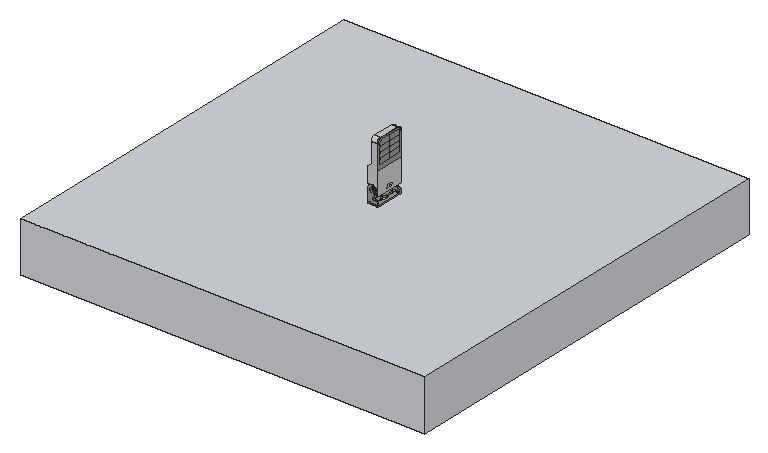
Revit family "LAMP_MINI FLUT G2 ASYMMETRIC", category Modelos genéricos, Revit 2015
Parameters (values of type "2733LM 3000 ANTHRACITE")
  Weight = 4.104 kg
  Type = "HIGH POWER PHILIPS"
  Tilting angle [instance] = 90.00°
  Tilting [instance] = if(Tilting angle = 0.00°, 1.00°, if(Tilting angle > 120.00°, 120.00°, if(Tilting angle < -30.00°, 120.00°, if(Tilting angle < 0.00°, 90.00° - Tilting angle, Tilting angle))))  # 90.00°
  Protection rating = "IP66 / IK06"
  Product datasheet = "http://www.lamp.es/product-files/TECH/MF235AS730NA-EN.pdf"
  Product code = "MF235AS730NA"
  Product URL = "https://www.lamp.es/en/family/flut_33511"
  Power Supply = "220-240V 50-60Hz"
  Power = 23 W
  Plum = 25.5 W
  Photometric web file = Cuerpo MiniFlut G2 - Asym : 2733LM 3000 ANTHRACITE
  Modelo = Product code  # "MF235AS730NA"
  Model explanation = "Availability of tilting between 0º and -30º (or 120º) when placed in a project."
  Material cuerpo = LAMP_Aluminio Cuerpo Flut ANT
  Material Rótula = LAMP_Acero inoxidable AISI 304
  Manufacturer name = "LAMP"
  Manufacturer country = "Spain"
  Manufacturer URL = "http://www.lamp.es/en"
  MacAdam = "4"
  Luminaire type = "OUTDOOR - FLOODLIGHT"
  Last update = "20/08/2019"
  Lamp = "HIGH POWER LED"
  LED Lifetime = "50.000 L90 B10"
  Insulation class = "I"
  Installation instructions = "https://www.lamp.es/product-files/INS/1004710-A-INSTR.%20MINI%20FLUT%20G2.pdf"
  Initial intensity = 2733 lm
  Initial color = 3000 K
  IEE = "A+"
  Gear = "Electronic"
  Finish = "Textured anthracite grey"
  Fabricante = Manufacturer name  # "LAMP"
  Default Elevation = 1219.2 mm
  Efficacy = 107.2 lm/W
  Dimensions = "369 x 176 x 60"
  Descripción = "MINI FLUT G2 3500 WW ASYM ANT."
  CRI = "70"
Types (8, lengths in mm): name | Product datasheet | Product code | Power | Plum | Photometric web file | Modelo | LED Lifetime | Initial intensity | Initial color | Finish | Efficacy | Descripción
  2733LM 3000 ANTHRACITE | "http://www.lamp.es/product-files/TECH/MF235AS730NA-EN.pdf" | "MF235AS730NA" | 23 W | 25.5 W | Cuerpo MiniFlut G2 - Asym : 2733LM 3000 ANTHRACITE | "MF235AS730NA" | "50.000 L90 B10" | 2733 lm | 3000 K | "Textured anthracite grey" | 107.2 lm/W | "MINI FLUT G2 3500 WW ASYM ANT."
  2733LM 3000 GREY | "http://www.lamp.es/product-files/TECH/MF235AS730NG-EN.pdf" | "MF235AS730NG" | 23 W | 25.5 W | Cuerpo MiniFlut G2 - Asym : 2733LM 3000 GREY | "MF235AS730NG" | "50.000 L90 B10" | 2733 lm | 3000 K | "Texturised grey" | 107.2 lm/W | "MINI FLUT G2 3500 WW ASYM GR."
  2877LM 4000 ANTHRACITE | "http://www.lamp.es/product-files/TECH/MF235AS740NA-EN.pdf" | "MF235AS740NA" | 23 W | 25.5 W | Cuerpo MiniFlut G2 - Asym : 2877LM 4000 ANTHRACITE | "MF235AS740NA" | "50.000 L90 B10" | 2877 lm | 4000 K | "Textured anthracite grey" | 112.8 lm/W | "MINI FLUT G2 3500 NW ASYM ANT."
  2877LM 4000 GREY | "http://www.lamp.es/product-files/TECH/MF235AS740NG-EN.pdf" | "MF235AS740NG" | 23 W | 25.5 W | Cuerpo MiniFlut G2 - Asym : 2877LM 4000 GREY | "MF235AS740NG" | "50.000 L90 B10" | 2877 lm | 4000 K | "Texturised grey" | 112.8 lm/W | "MINI FLUT G2 3500 NW ASYM GR."
  4990LM 3000 ANTHRACITE | "http://www.lamp.es/product-files/TECH/MF265AS730NA-EN.pdf" | "MF265AS730NA" | 44 W | 48.7 W | Cuerpo MiniFlut G2 - Asym : 4990LM 3000 ANTHRACITE | "MF265AS730NA" | "60.000 L80 B10" | 4990 lm | 3000 K | "Textured anthracite grey" | 102.5 lm/W | "MINI FLUT G2 6500 WW ASYM ANT."
  4990LM 3000 GREY | "http://www.lamp.es/product-files/TECH/MF265AS730NG-EN.pdf" | "MF265AS730NG" | 44 W | 48.7 W | Cuerpo MiniFlut G2 - Asym : 4990LM 3000 GREY | "MF265AS730NG" | "60.000 L80 B10" | 4990 lm | 3000 K | "Texturised grey" | 102.5 lm/W | "MINI FLUT G2 6500 WW ASYM GR."
  5253LM 4000 ANTHRACITE | "http://www.lamp.es/product-files/TECH/MF265AS740NA-EN.pdf" | "MF265AS740NA" | 44 W | 48.7 W | Cuerpo MiniFlut G2 - Asym : 5253LM 4000 ANTHRACITE | "MF265AS740NA" | "60.000 L80 B10" | 5253 lm | 4000 K | "Textured anthracite grey" | 107.9 lm/W | "MINI FLUT G2 6500 NW ASYM ANT."
  5253LM 4000 GREY | "http://www.lamp.es/product-files/TECH/MF265AS740NG-EN.pdf" | "MF265AS740NG" | 44 W | 48.7 W | Cuerpo MiniFlut G2 - Asym : 5253LM 4000 GREY | "MF265AS740NG" | "60.000 L80 B10" | 5253 lm | 4000 K | "Texturised grey" | 107.9 lm/W | "MINI FLUT G2 6500 NW ASYM GR."
Reference planes
  plane 1 "Centro (Frontal/Posterior)": y = 0
  plane 2: z = 0
  plane 3 "Centro (Izquierda/Derecha)": x = 0
Forms (mm)
  Extrusion 1, solid
    sketch origin (0, 0, 0) x (1, 0, 0) y (0, 1, 0)
      loop
        line (-1219.2, 1219.2) -> (-1219.2, -1219.2) -> (1219.2, -1219.2) -> (1219.2, 1219.2) -> (-1219.2, 1219.2)
    from 0 to -304.8
  Extrusion 2, solid, material "LAMP_Acero inoxidable AISI 304" <- "Material Rótula"
    sketch origin (0, 0, 0) x (1, 0, 0) y (0, 0, 1)
      loop
        line (-30, 0) -> (30, 0) -> (30, 24) -> (1.866, 40.243)
        arc (1.866, 40.243) -> (1.4, 40.851) -> (1.499, 41.609) r 1
        line (1.499, 41.609) -> (17.741, 69.741)
        arc (17.741, 69.741) -> (3.441, 108.913) -> (-30, 84) r 26
        line (-30, 84) -> (-30, 0)
      loop
        arc (-4.884, 104.481) -> (-5.964, 103.952) -> (-6.308, 102.8) r 1.5
        line (-6.308, 102.8) -> (-5.758, 98.315)
        arc (-5.758, 98.315) -> (-5.252, 97.365) -> (-4.241, 96.998) r 1.5
        arc (-4.241, 96.998) -> (7.873, 89.294) -> (5.508, 75.134) r 13
        arc (5.508, 75.134) -> (5.105, 74.085) -> (5.544, 73.05) r 1.5
        line (5.544, 73.05) -> (8.727, 69.867)
        arc (8.727, 69.867) -> (9.808, 69.428) -> (10.877, 69.896) r 1.5
        arc (10.877, 69.896) -> (14.654, 92.501) -> (-4.884, 104.481) r 20.5
    from -88 to 88
  Extrusion 3, void
    sketch origin (0, 0, 0) x (0, 1, 0) y (0, 0, 1)
      loop
        line (-83, 131) -> (-83, 10)
        arc (-83, 10) -> (-81.536, 6.464) -> (-78, 5) r 5
        line (-78, 5) -> (78, 5)
        arc (78, 5) -> (81.536, 6.464) -> (83, 10) r 5
        line (83, 10) -> (83, 131) -> (-83, 131)
      loop
        arc (88, 10) -> (85.071, 2.929) -> (78, 0) r 10
        line (78, 0) -> (78, -5) -> (93, -5) -> (93, 10) -> (88, 10)
      loop
        line (-88, 10) -> (-93, 10) -> (-93, -5) -> (-78, -5) -> (-78, 0)
        arc (-78, 0) -> (-85.071, 2.929) -> (-88, 10) r 10
    from -30 to 30
  Blend 4, void
    base sketch origin (0, 0, 0) x (1, 0, 0) y (0, 0, 1)
      loop
        circle (-4, 83.75) r 6.25
    top sketch origin (0, 0, 0) x (1, 0, 0) y (0, 0, 1)
      loop
        circle (-4, 83.75) r 10.75
    from 83 to 88
  Extrusion 5, void
    sketch origin (0, 0, 0) x (1, 0, 0) y (0, 1, 0)
      loop
        circle (0, 0) r 17.5
      loop
        line (-5.15, 63) -> (-5.15, 27)
        arc (-5.15, 27) -> (0, 21.85) -> (5.15, 27) r 5.15
        line (5.15, 27) -> (5.15, 63)
        arc (5.15, 63) -> (0, 68.15) -> (-5.15, 63) r 5.15
      loop
        arc (-5.15, -63) -> (0, -68.15) -> (5.15, -63) r 5.15
        line (5.15, -63) -> (5.15, -27)
        arc (5.15, -27) -> (0, -21.85) -> (-5.15, -27) r 5.15
        line (-5.15, -27) -> (-5.15, -63)
    from 0 to 5
  Blend 6, void
    base sketch origin (0, 0, 0) x (1, 0, 0) y (0, 0, -1)
      loop
        circle (-4, -83.75) r 6.25
    top sketch origin (0, 0, 0) x (1, 0, 0) y (0, 0, -1)
      loop
        circle (-4, -83.75) r 10.8
    from 83 to 88
  Extrusion 7, solid, material "LAMP_Aluminio Cuerpo Flut ANT" <- "Material cuerpo"
    sketch origin (29.542, -87.4, 57.5) x (0, 1, 0) y (0, 0, 1)
      loop
        arc (68.57, 18.287) -> (68.765, 17.816) -> (69.237, 17.62) r 0.667
        line (69.237, 17.62) -> (73.299, 17.62)
        arc (73.299, 17.62) -> (73.702, 17.749) -> (73.955, 18.088) r 0.693
        line (73.955, 18.088) -> (78.018, 29.896) -> (82.058, 18.153)
        arc (82.058, 18.153) -> (82.296, 17.835) -> (82.674, 17.714) r 0.651
        line (82.674, 17.714) -> (85.6, 17.714)
        arc (85.6, 17.714) -> (86.061, 17.905) -> (86.252, 18.366) r 0.652
        line (86.252, 18.366) -> (86.252, 29.97) -> (89.926, 26.297) -> (93.6, 29.97) -> (93.6, 18.253)
        arc (93.6, 18.253) -> (93.785, 17.806) -> (94.233, 17.62) r 0.633
        line (94.233, 17.62) -> (98.776, 17.62)
        arc (98.776, 17.62) -> (99.261, 17.821) -> (99.461, 18.306) r 0.685
        line (99.461, 18.306) -> (99.461, 29.402)
        arc (99.461, 29.402) -> (99.655, 29.87) -> (100.124, 30.064) r 0.662
        line (100.124, 30.064) -> (103.206, 30.064)
        arc (103.206, 30.064) -> (103.688, 29.865) -> (103.888, 29.382) r 0.682
        line (103.888, 29.382) -> (103.888, 27.054)
        arc (103.888, 27.054) -> (103.689, 26.574) -> (103.21, 26.376) r 0.678
        line (103.21, 26.376) -> (100.372, 26.376)
        arc (100.372, 26.376) -> (99.634, 25.638) -> (100.372, 24.9) r 0.738
        line (100.372, 24.9) -> (104.702, 24.9)
        arc (104.702, 24.9) -> (105.169, 25.094) -> (105.363, 25.562) r 0.661
        line (105.363, 25.562) -> (105.363, 30.846)
        arc (105.363, 30.846) -> (105.16, 31.337) -> (104.669, 31.54) r 0.694
        line (104.669, 31.54) -> (98.671, 31.54)
        arc (98.671, 31.54) -> (98.187, 31.339) -> (97.986, 30.854) r 0.685
        line (97.986, 30.854) -> (97.986, 19.762)
        arc (97.986, 19.762) -> (97.785, 19.277) -> (97.3, 19.077) r 0.686
        line (97.3, 19.077) -> (95.783, 19.077)
        arc (95.783, 19.077) -> (95.3, 19.276) -> (95.101, 19.759) r 0.682
        line (95.101, 19.759) -> (95.101, 30.181)
        arc (95.101, 30.181) -> (94.03, 31.669) -> (92.28, 31.127) r 1.569
        line (92.28, 31.127) -> (89.926, 28.773) -> (87.572, 31.127)
        arc (87.572, 31.127) -> (85.821, 31.669) -> (84.751, 30.181) r 1.569
        line (84.751, 30.181) -> (84.751, 20.286)
        arc (84.751, 20.286) -> (84.044, 19.451) -> (83.104, 20.011) r 0.847
        line (83.104, 20.011) -> (79.401, 30.778)
        arc (79.401, 30.778) -> (78.08, 31.72) -> (76.759, 30.778) r 1.397
        line (76.759, 30.778) -> (72.894, 19.541)
        arc (72.894, 19.541) -> (72.643, 19.205) -> (72.244, 19.077) r 0.688
        line (72.244, 19.077) -> (70.701, 19.077)
        arc (70.701, 19.077) -> (70.237, 19.269) -> (70.045, 19.732) r 0.656
        line (70.045, 19.732) -> (70.045, 30.88)
        arc (70.045, 30.88) -> (69.307, 31.618) -> (68.57, 30.88) r 0.738
        line (68.57, 30.88) -> (68.57, 18.287)
    from 0 to 1
Cuts and joins
  Extrusion 3, Blend 4, Extrusion 5, Blend 6 cuts Extrusion 2
Text (mm)
  text "Any modification of the parameters and properties of the LAMP BIM models must be executed and validated by the LAMP technical department.\n\nPhone: +34 93 736 68 00\n\nE-mail: lamp@lamp.es\n\n\n\nLAMP reserves the right to modify the technical specifications of its products." at (-19092.501, 15531.228, -5809.229), in view "Preview"
Dimensions and locks
  aligned and locked: plane 2 to Extrusion 1
  aligned and locked: level to Extrusion 1
Nested families
  nested 1: "Cuerpo MiniFlut G2 - Asym" at (-3.858, 0, -1416.1) x (-1, 0, 0) z (0, 0, 1), type <- "Photometric web file", type "2733LM 3000 ANTHRACITE"
Connectors
  electrical at (0, 0, 5)
    settings: on cut or joined group of Extrusion 2, Extrusion 3, Blend 4, Extrusion 5, Blend 6, index 1, voltage 230 V, apparent load 0 VA, apparent load phase1 0 VA, apparent load phase2 0 VA, apparent load phase3 0 VA, power factor 1, load classification "Otro", number of poles 1, system type 31, power factor state 1, is connector primary yes, connector utility no, sub classification motor no, connector description ""
Definition of nested family "Cuerpo MiniFlut G2 - Asym"
  Parameters (values of type "2733LM 3000 ANTHRACITE")
    Tilt Angle = Tilting - 90.00°  # 0.00°
    Wattage = 25.5 W
    Tilting = 90.00°
    built-in parameter 1150107 = 3000 (stored number, unit not read)
    built-in parameter 1150110 = 1 (stored number, unit not read)
    built-in parameter 1150109 = 1 (stored number, unit not read)
    built-in parameter 1150112 = 1 (stored number, unit not read)
    built-in parameter 1150113 = 1 (stored number, unit not read)
    built-in parameter 1114218 = 1 (stored number, unit not read)
    built-in parameter 1150137 = (empty or 0)
    built-in parameter 1150132 = 2
    Material Opticas = none
    Material Cristal Transparente = none
    Material Cuerpo = none
    Material Cristal Serigrafiado = none
    built-in parameter 1150105 = 217.53 (stored number, unit not read)
    built-in parameter 1150102 = (empty or 0)
    built-in parameter 1150106 = 2.1753 (stored number, unit not read)
    Lumens = 2733.6 lm
    Color Filter = 16777215
    built-in parameter 1114217 = 1 (stored number, unit not read)
    built-in parameter 1150139 = (empty or 0)
    built-in parameter 1150104 = 9.9592 (stored number, unit not read)
    built-in parameter 1150115 = 1 (stored number, unit not read)
    built-in parameter 1150114 = 1 (stored number, unit not read)
    built-in parameter 1150138 = (empty or 0)
    built-in parameter 1150134 = (empty or 0)
    Dimming Lamp Color Temperature Shift = (empty or 0)
    Photometric Web File = "MF235AS730NA_180.IES"
    built-in parameter 1150133 = 10 (stored number, unit not read)
  Types (8, lengths in mm): name | Wattage | built-in parameter 1150107 | built-in parameter 1150105 | built-in parameter 1150106 | Lumens | built-in parameter 1150104 | built-in parameter 1150134 | Photometric Web File
    2733LM 3000 ANTHRACITE | 25.5 W | 3000 (stored number, unit not read) | 217.53 (stored number, unit not read) | 2.1753 (stored number, unit not read) | 2733.6 lm | 9.9592 (stored number, unit not read) | (empty or 0) | "MF235AS730NA_180.IES"
    2733LM 3000 GREY | 25.5 W | 3000 (stored number, unit not read) | 217.53 (stored number, unit not read) | 2.1753 (stored number, unit not read) | 2733.6 lm | 9.9592 (stored number, unit not read) | (empty or 0) | "MF235AS730NG_180.IES"
    2877LM 4000 ANTHRACITE | 25.5 W | 4000 (stored number, unit not read) | 1789.8 (stored number, unit not read) | 17.898 (stored number, unit not read) | 2876.4 lm | 10.479 (stored number, unit not read) | 12 | "MF235AS740NA_180.IES"
    2877LM 4000 GREY | 25.5 W | 4000 (stored number, unit not read) | 1789.8 (stored number, unit not read) | 17.898 (stored number, unit not read) | 2876.4 lm | 10.479 (stored number, unit not read) | 12 | "MF235AS740NG_180.IES"
    4990LM 3000 ANTHRACITE | 48.7 W | 3000 (stored number, unit not read) | 3106.1 (stored number, unit not read) | 31.061 (stored number, unit not read) | 4991.75 lm | 9.5226 (stored number, unit not read) | (empty or 0) | "MF265AS730NA_180.IES"
    4990LM 3000 GREY | 48.7 W | 3000 (stored number, unit not read) | 3106.1 (stored number, unit not read) | 31.061 (stored number, unit not read) | 4991.75 lm | 9.5226 (stored number, unit not read) | (empty or 0) | "MF265AS730NG_180.IES"
    5253LM 4000 ANTHRACITE | 48.7 W | 4000 (stored number, unit not read) | 3271.3 (stored number, unit not read) | 32.713 (stored number, unit not read) | 5254.73 lm | 10.024 (stored number, unit not read) | 12 | "MF265AS740NA_180.IES"
    5253LM 4000 GREY | 48.7 W | 4000 (stored number, unit not read) | 3271.3 (stored number, unit not read) | 32.713 (stored number, unit not read) | 5254.73 lm | 10.024 (stored number, unit not read) | 12 | "MF265AS740NG_180.IES"
  Reference planes
    plane 1 "Eje de origen de luz (F/P)": y = 0
    plane 2: z = 0
    plane 3 "Eje de origen de luz (I/D)": x = 0
    plane 4 "Elevación de origen de luz": z = 1500
  Forms (mm)
    Extrusion 1, solid, material <- "Material Cuerpo"
      sketch origin (0, 0, 1500) x (0, 0, 1) y (1, 0, 0)
        loop
          line (-26.4, -33.4) -> (284.25, -33.4) -> (284.25, 3.6) -> (141.25, 3.6) -> (118.25, 26.6) -> (-26.4, 26.6) -> (-26.4, -33.4)
      from -87.4 to 87.4
    Extrusion 2, void
      sketch origin (0, 0, 1500) x (0, 0, -1) y (1, 0, 0)
        loop
          line (26.4, -26.5) -> (26.4, 26.6) -> (-26.6, 26.6) -> (-26.6, 3.6)
          arc (-26.6, 3.6) -> (-19.155, -17.548) -> (1.4, -26.5) r 28.073
          line (1.4, -26.5) -> (26.4, -26.5)
      from -87.4 to -77.4
    Extrusion 3, void
      sketch origin (0, 0, 1500) x (0, 0, -1) y (-1, 0, 0)
        loop
          line (26.4, 26.5) -> (1.4, 26.5)
          arc (1.4, 26.5) -> (-19.155, 17.548) -> (-26.6, -3.6) r 28.073
          line (-26.6, -3.6) -> (-26.6, -26.6) -> (26.4, -26.6) -> (26.4, 26.5)
      from -87.4 to -77.4
    Extrusion 4, void
      sketch origin (0, 0, 1500) x (0, 0, -1) y (0, 1, 0)
        loop
          line (-28.6, -83.4) -> (-28.6, -75.4) -> (22.4, -75.4)
          arc (22.4, -75.4) -> (23.814, -74.814) -> (24.4, -73.4) r 2
          line (24.4, -73.4) -> (24.4, 73.4)
          arc (24.4, 73.4) -> (23.814, 74.814) -> (22.4, 75.4) r 2
          line (22.4, 75.4) -> (-28.6, 75.4) -> (-28.6, 83.4)
          arc (-28.6, 83.4) -> (-29.186, 84.814) -> (-30.6, 85.4) r 2
          line (-30.6, 85.4) -> (-114.25, 85.4)
          arc (-114.25, 85.4) -> (-115.664, 84.814) -> (-116.25, 83.4) r 2
          line (-116.25, 83.4) -> (-116.25, -83.4)
          arc (-116.25, -83.4) -> (-115.664, -84.814) -> (-114.25, -85.4) r 2
          line (-114.25, -85.4) -> (-30.6, -85.4)
          arc (-30.6, -85.4) -> (-29.186, -84.814) -> (-28.6, -83.4) r 2
        loop
          arc (22.9, 68.9) -> (21.436, 72.436) -> (17.9, 73.9) r 5
          line (17.9, 73.9) -> (-30.1, 73.9) -> (-30.1, 78.9)
          arc (-30.1, 78.9) -> (-31.564, 82.436) -> (-35.1, 83.9) r 5
          line (-35.1, 83.9) -> (-109.75, 83.9)
          arc (-109.75, 83.9) -> (-113.286, 82.436) -> (-114.75, 78.9) r 5
          line (-114.75, 78.9) -> (-114.75, -78.9)
          arc (-114.75, -78.9) -> (-113.286, -82.436) -> (-109.75, -83.9) r 5
          line (-109.75, -83.9) -> (-35.1, -83.9)
          arc (-35.1, -83.9) -> (-31.564, -82.436) -> (-30.1, -78.9) r 5
          line (-30.1, -78.9) -> (-30.1, -73.9) -> (17.9, -73.9)
          arc (17.9, -73.9) -> (21.436, -72.436) -> (22.9, -68.9) r 5
          line (22.9, -68.9) -> (22.9, 68.9)
      from 22.1 to 26.6
    Extrusion 5, void
      sketch origin (0, 0, 1500) x (0, 0, -1) y (0, 1, 0)
        loop
          line (-259.25, 87.4) -> (-259.25, 97.4) -> (-294.25, 97.4) -> (-294.25, 62.4) -> (-284.25, 62.4)
          arc (-284.25, 62.4) -> (-276.928, 80.078) -> (-259.25, 87.4) r 25
        loop
          arc (-259.25, -87.4) -> (-276.928, -80.078) -> (-284.25, -62.4) r 25
          line (-284.25, -62.4) -> (-294.25, -62.4) -> (-294.25, -97.4) -> (-259.25, -97.4) -> (-259.25, -87.4)
      from -34 to 4
    Extrusion 6, void
      sketch origin (0, 0, 1500) x (0, 0, -1) y (0, 1, 0)
        loop
          arc (-270.05, -62) -> (-267.121, -69.071) -> (-260.05, -72) r 10
          line (-260.05, -72) -> (-154.05, -72)
          arc (-154.05, -72) -> (-146.979, -69.071) -> (-144.05, -62) r 10
          line (-144.05, -62) -> (-144.05, 62)
          arc (-144.05, 62) -> (-146.979, 69.071) -> (-154.05, 72) r 10
          line (-154.05, 72) -> (-260.05, 72)
          arc (-260.05, 72) -> (-267.121, 69.071) -> (-270.05, 62) r 10
          line (-270.05, 62) -> (-270.05, -62)
      from -33.4 to 0
    Extrusion 7, void
      sketch origin (0, 0, 1500) x (0, 0, -1) y (0, -1, 0)
        loop
          arc (-282.05, -61.5) -> (-275.46, -77.41) -> (-259.55, -84) r 22.5
          line (-259.55, -84) -> (-116.05, -84) -> (-116.05, 84) -> (-259.55, 84)
          arc (-259.55, 84) -> (-275.46, 77.41) -> (-282.05, 61.5) r 22.5
          line (-282.05, 61.5) -> (-282.05, -61.5)
        loop
          arc (-270.05, -62) -> (-267.121, -69.071) -> (-260.05, -72) r 10
          line (-260.05, -72) -> (-154.05, -72)
          arc (-154.05, -72) -> (-146.979, -69.071) -> (-144.05, -62) r 10
          line (-144.05, -62) -> (-144.05, 62)
          arc (-144.05, 62) -> (-146.979, 69.071) -> (-154.05, 72) r 10
          line (-154.05, 72) -> (-260.05, 72)
          arc (-260.05, 72) -> (-267.121, 69.071) -> (-270.05, 62) r 10
          line (-270.05, 62) -> (-270.05, -62)
      from 34 to 29.3
    Extrusion 8, solid, material <- "Material Cristal Serigrafiado"
      sketch origin (0, 0, 1500) x (0, 0, 1) y (-1, 0, 0)
        loop
          line (116.05, 33.4) -> (116.05, 29.3) -> (282.05, 29.3) -> (282.05, 33.4) -> (116.05, 33.4)
      from -84 to 84
    Extrusion 9, void
      sketch origin (0, 0, 1500) x (0, 0, -1) y (0, -1, 0)
        loop
          line (-259.55, 84) -> (-259.55, 94) -> (-292.05, 94) -> (-292.05, 61.5) -> (-282.05, 61.5)
          arc (-282.05, 61.5) -> (-275.46, 77.41) -> (-259.55, 84) r 22.5
        loop
          arc (-259.55, -84) -> (-275.46, -77.41) -> (-282.05, -61.5) r 22.5
          line (-282.05, -61.5) -> (-292.05, -61.5) -> (-292.05, -94) -> (-259.55, -94) -> (-259.55, -84)
      from 26.5 to 33.4
    Extrusion 10, solid, material <- "Material Opticas"
      sketch origin (0, 0, 1500) x (0, 0, 1) y (-1, 0, 0)
        loop
          line (260, 29.3) -> (154.1, 29.3) -> (154.1, 0) -> (260, 0) -> (260, 29.3)
      from -52.2 to 52.2
    Extrusion 11, void
      sketch origin (0, 0, 1500) x (0, 0, -1) y (0, -1, 0)
        loop
          line (-258.2, 50.4) -> (-258.2, 25.95) -> (-233.4, 25.95) -> (-233.4, 50.4) -> (-258.2, 50.4)
        loop
          line (-232.4, 50.4) -> (-232.4, 25.95) -> (-207.6, 25.95) -> (-207.6, 50.4) -> (-232.4, 50.4)
        loop
          line (-206.6, 50.4) -> (-206.6, 25.95) -> (-181.8, 25.95) -> (-181.8, 50.4) -> (-206.6, 50.4)
        loop
          line (-180.8, 50.4) -> (-180.8, 25.95) -> (-155.9, 25.95) -> (-155.9, 50.4) -> (-180.8, 50.4)
        loop
          line (-258.2, -50.4) -> (-233.4, -50.4) -> (-233.4, -25.95) -> (-258.2, -25.95) -> (-258.2, -50.4)
        loop
          line (-232.4, -50.4) -> (-207.6, -50.4) -> (-207.6, -25.95) -> (-232.4, -25.95) -> (-232.4, -50.4)
        loop
          line (-206.6, -50.4) -> (-181.8, -50.4) -> (-181.8, -25.95) -> (-206.6, -25.95) -> (-206.6, -50.4)
        loop
          line (-180.8, -50.4) -> (-155.9, -50.4) -> (-155.9, -25.95) -> (-180.8, -25.95) -> (-180.8, -50.4)
        loop
          line (-155.9, 24.95) -> (-180.8, 24.95) -> (-180.8, 0.5) -> (-155.9, 0.5) -> (-155.9, 24.95)
        loop
          line (-155.9, -0.5) -> (-180.8, -0.5) -> (-180.8, -24.95) -> (-155.9, -24.95) -> (-155.9, -0.5)
        loop
          line (-258.2, 24.95) -> (-258.2, 0.5) -> (-233.4, 0.5) -> (-233.4, 24.95) -> (-258.2, 24.95)
        loop
          line (-258.2, -0.5) -> (-258.2, -24.95) -> (-233.4, -24.95) -> (-233.4, -0.5) -> (-258.2, -0.5)
        loop
          line (-232.4, 24.95) -> (-232.4, 0.5) -> (-207.6, 0.5) -> (-207.6, 24.95) -> (-232.4, 24.95)
        loop
          line (-232.4, -0.5) -> (-232.4, -24.95) -> (-207.6, -24.95) -> (-207.6, -0.5) -> (-232.4, -0.5)
        loop
          line (-206.6, -24.95) -> (-181.8, -24.95) -> (-181.8, -0.5) -> (-206.6, -0.5) -> (-206.6, -24.95)
        loop
          line (-206.6, 0.5) -> (-181.8, 0.5) -> (-181.8, 24.95) -> (-206.6, 24.95) -> (-206.6, 0.5)
      from 0 to 26.5
    Extrusion 12, solid, material <- "Material Cristal Transparente"
      sketch origin (0, 0, 1500) x (0, 0, 1) y (-1, 0, 0)
        loop
          line (270.05, 33.4) -> (144.05, 33.4) -> (144.05, 29.3) -> (270.05, 29.3) -> (270.05, 33.4)
      from -72 to 72
    Extrusion 13, void
      sketch origin (0, 0, 1500) x (0, 0, -1) y (0, -1, 0)
        loop
          arc (-260.05, -72) -> (-267.121, -69.071) -> (-270.05, -62) r 10
          line (-270.05, -62) -> (-275.05, -62) -> (-275.05, -77) -> (-260.05, -77) -> (-260.05, -72)
        loop
          arc (-270.05, 62) -> (-267.121, 69.071) -> (-260.05, 72) r 10
          line (-260.05, 72) -> (-260.05, 77) -> (-275.05, 77) -> (-275.05, 62) -> (-270.05, 62)
        loop
          arc (-154.05, 72) -> (-146.979, 69.071) -> (-144.05, 62) r 10
          line (-144.05, 62) -> (-139.05, 62) -> (-139.05, 77) -> (-154.05, 77) -> (-154.05, 72)
        loop
          arc (-144.05, -62) -> (-146.979, -69.071) -> (-154.05, -72) r 10
          line (-154.05, -72) -> (-154.05, -77) -> (-139.05, -77) -> (-139.05, -62) -> (-144.05, -62)
      from 29.3 to 33.4
    Extrusion 14, void
      sketch origin (0, 0, 1500) x (0, 0, -1) y (0, -1, 0)
        loop
          arc (-270.05, -62) -> (-267.121, -69.071) -> (-260.05, -72) r 10
          line (-260.05, -72) -> (-154.05, -72)
          arc (-154.05, -72) -> (-146.979, -69.071) -> (-144.05, -62) r 10
          line (-144.05, -62) -> (-144.05, 62)
          arc (-144.05, 62) -> (-146.979, 69.071) -> (-154.05, 72) r 10
          line (-154.05, 72) -> (-260.05, 72)
          arc (-260.05, 72) -> (-267.121, 69.071) -> (-270.05, 62) r 10
          line (-270.05, 62) -> (-270.05, -62)
      from 26.5 to 33.4
    Extrusion 15, solid, material <- "Material Cristal Serigrafiado"
      sketch origin (0, 0, 1500) x (0, 0, 1) y (0, -1, 0)
        loop
          line (241.55, -72) -> (241.55, -2) -> (270.05, -2) -> (270.05, 2) -> (241.55, 2) -> (241.55, 72) -> (237.55, 72) -> (237.55, 2) -> (209.05, 2) -> (209.05, 72) -> (205.05, 72) -> (205.05, 2) -> (176.55, 2) -> (176.55, 72) -> (172.55, 72) -> (172.55, 2) -> (144.05, 2) -> (144.05, -2) -> (172.55, -2) -> (172.55, -72) -> (176.55, -72) -> (176.55, -2) -> (205.05, -2) -> (205.05, -72) -> (209.05, -72) -> (209.05, -2) -> (237.55, -2) -> (237.55, -72) -> (241.55, -72)
      from -33.4 to -29.3
    Extrusion 16, void
      sketch origin (0, 0, 1500) x (0, 0, -1) y (0, -1, 0)
        loop
          line (-241.55, -72) -> (-237.55, -72) -> (-237.55, -2) -> (-209.05, -2) -> (-209.05, -72) -> (-205.05, -72) -> (-205.05, -2) -> (-176.55, -2) -> (-176.55, -72) -> (-172.55, -72) -> (-172.55, -2) -> (-144.05, -2) -> (-144.05, 2) -> (-172.55, 2) -> (-172.55, 72) -> (-176.55, 72) -> (-176.55, 2) -> (-205.05, 2) -> (-205.05, 72) -> (-209.05, 72) -> (-209.05, 2) -> (-237.55, 2) -> (-237.55, 72) -> (-241.55, 72) -> (-241.55, 2) -> (-270.05, 2) -> (-270.05, -2) -> (-241.55, -2) -> (-241.55, -72)
      from -137 to 137
  Cuts and joins
    Extrusion 2, Extrusion 3, Extrusion 4, Extrusion 5, Extrusion 6, Extrusion 7 cuts Extrusion 1
    Extrusion 9, Extrusion 14 cuts Extrusion 8
    Extrusion 11, Extrusion 14 cuts Extrusion 10
    Extrusion 13, Extrusion 16 cuts Extrusion 12
  Lines and regions (mm)
    reference lines
      curve 1: line (0, 0, 1500) -> (0, 0, 2280)
      curve 2: line (-60, 0, 1707.05) -> (0, 0, 1707.05)
  Dimensions and locks
    "Tilting": angle plane 4 "Elevación de origen de luz" to curve 1
    aligned and locked: level to plane 2
    aligned and locked: plane 3 "Eje de origen de luz (I/D)" to curve 1
    aligned and locked: plane 4 "Elevación de origen de luz" to curve 1
    aligned and locked: imposter light to curve 2  (x2)
  Automatic sketch dimensions
    Extrusion 2 sketch curve to curve 1 = 26.6 mm
    curve 1 to Extrusion 2 sketch curve = 1.4 mm
    Extrusion 2 sketch curve to Extrusion 2 sketch curve = 25 mm
    Extrusion 2 sketch curve to curve 1 = 26.5 mm
    curve 1 to Extrusion 2 sketch curve = 1.573 mm
    curve 1 to Extrusion 2 sketch curve = 26.6 mm
    Extrusion 3 sketch curve to curve 1 = 26.6 mm  (x2)
    curve 1 to Extrusion 3 sketch curve = 1.4 mm
    Extrusion 3 sketch curve to Extrusion 3 sketch curve = 25 mm
    Extrusion 3 sketch curve to curve 1 = 3.6 mm
    Extrusion 3 sketch curve to curve 1 = 1.573 mm
    curve 2 to curve 1 = 0 mm
    curve 1 to curve 2 = 207.05 mm
    curve 2 to curve 2 = 60 mm
    Extrusion 1 sketch curve to curve 1 = 26.4 mm
    Extrusion 1 sketch curve to curve 1 = 26.6 mm
    curve 1 to Extrusion 1 sketch curve = 118.25 mm
    curve 1 to Extrusion 1 sketch curve = 33.4 mm
    Extrusion 1 sketch curve to Extrusion 1 sketch curve = 166 mm
    Extrusion 1 sketch curve to Extrusion 1 sketch curve = 23 mm
    Extrusion 1 sketch curve to curve 1 = 3.6 mm
    Extrusion 7 sketch curve to curve 1 = 61.5 mm
    Extrusion 7 sketch curve to curve 1 = 282.05 mm
    Extrusion 7 sketch curve to Extrusion 7 sketch curve = 12 mm
    Extrusion 7 sketch curve to Extrusion 7 sketch curve = 10 mm  (x4)
    Extrusion 7 sketch curve to Extrusion 7 sketch curve = 0.5 mm  (x3)
    Extrusion 7 sketch curve to curve 1 = 62 mm
    Extrusion 7 sketch curve to Extrusion 7 sketch curve = 105.5 mm
    Extrusion 7 sketch curve to Extrusion 7 sketch curve = 38 mm
    curve 1 to Extrusion 7 sketch curve = 61.5 mm
    Extrusion 6 sketch curve to curve 1 = 62 mm
    Extrusion 6 sketch curve to curve 1 = 270.05 mm
    Extrusion 6 sketch curve to Extrusion 6 sketch curve = 10 mm  (x3)
    Extrusion 6 sketch curve to Extrusion 6 sketch curve = 106 mm  (x2)
    curve 1 to Extrusion 6 sketch curve = 62 mm
    Extrusion 5 sketch curve to curve 1 = 62.4 mm
    Extrusion 5 sketch curve to curve 1 = 294.25 mm
    curve 1 to Extrusion 5 sketch curve = 62.4 mm
    Extrusion 5 sketch curve to Extrusion 5 sketch curve = 0 mm
    Extrusion 5 sketch curve to Extrusion 5 sketch curve = 10 mm  (x3)
    Extrusion 5 sketch curve to Extrusion 5 sketch curve = 25 mm  (x2)
    Extrusion 5 sketch curve to Extrusion 5 sketch curve = 35 mm
    curve 1 to Extrusion 4 sketch curve = 83.4 mm
    Extrusion 4 sketch curve to curve 1 = 116.25 mm
    Extrusion 4 sketch curve to Extrusion 4 sketch curve = 1.5 mm  (x5)
    Extrusion 4 sketch curve to Extrusion 4 sketch curve = 0.5 mm  (x3)
    Extrusion 4 sketch curve to Extrusion 4 sketch curve = 2 mm
    Extrusion 4 sketch curve to Extrusion 4 sketch curve = 4.5 mm  (x9)
    Extrusion 4 sketch curve to curve 1 = 35.1 mm  (x2)
    Extrusion 4 sketch curve to Extrusion 4 sketch curve = 5 mm
    curve 1 to Extrusion 4 sketch curve = 17.9 mm  (x2)
    Extrusion 4 sketch curve to Extrusion 4 sketch curve = 3.5 mm
    Extrusion 4 sketch curve to curve 1 = 68.9 mm
    Extrusion 4 sketch curve to curve 1 = 78.9 mm
    Extrusion 8 sketch curve to curve 1 = 29.3 mm
    curve 1 to Extrusion 8 sketch curve = 116.05 mm
    Extrusion 8 sketch curve to curve 1 = 33.4 mm
    Extrusion 8 sketch curve to Extrusion 8 sketch curve = 166 mm
    Extrusion 9 sketch curve to curve 1 = 61.5 mm
    curve 1 to Extrusion 9 sketch curve = 259.55 mm
    Extrusion 9 sketch curve to Extrusion 9 sketch curve = 0 mm
    Extrusion 9 sketch curve to Extrusion 9 sketch curve = 22.5 mm  (x2)
    Extrusion 9 sketch curve to Extrusion 9 sketch curve = 10 mm  (x3)
    curve 1 to Extrusion 9 sketch curve = 61.5 mm
    Extrusion 9 sketch curve to Extrusion 9 sketch curve = 32.5 mm
    Extrusion 12 sketch curve to curve 1 = 33.4 mm
    curve 1 to Extrusion 12 sketch curve = 144.05 mm
    Extrusion 12 sketch curve to curve 1 = 29.3 mm
    Extrusion 12 sketch curve to Extrusion 12 sketch curve = 126 mm
    curve 1 to Extrusion 13 sketch curve = 139.05 mm
    Extrusion 13 sketch curve to Extrusion 13 sketch curve = 0 mm
    Extrusion 13 sketch curve to Extrusion 13 sketch curve = 5 mm  (x5)
    Extrusion 13 sketch curve to Extrusion 13 sketch curve = 15 mm  (x5)
    Extrusion 13 sketch curve to Extrusion 13 sketch curve = 106 mm  (x2)
    Extrusion 13 sketch curve to curve 1 = 62 mm  (x2)
    Extrusion 13 sketch curve to Extrusion 13 sketch curve = 10 mm  (x2)
    curve 1 to Extrusion 13 sketch curve = 62 mm  (x2)
    Extrusion 14 sketch curve to curve 1 = 62 mm
    curve 1 to Extrusion 14 sketch curve = 144.05 mm
    Extrusion 14 sketch curve to Extrusion 14 sketch curve = 10 mm  (x3)
    curve 1 to Extrusion 14 sketch curve = 62 mm
    Extrusion 14 sketch curve to Extrusion 14 sketch curve = 106 mm  (x2)
    Extrusion 11 sketch curve to curve 1 = 0.5 mm  (x4)
    curve 1 to Extrusion 11 sketch curve = 155.9 mm
    Extrusion 11 sketch curve to Extrusion 11 sketch curve = 0 mm  (x22)
    Extrusion 11 sketch curve to Extrusion 11 sketch curve = 24.9 mm  (x3)
    curve 1 to Extrusion 11 sketch curve = 0.5 mm  (x4)
    Extrusion 11 sketch curve to Extrusion 11 sketch curve = 1 mm  (x16)
    Extrusion 11 sketch curve to Extrusion 11 sketch curve = 24.8 mm  (x7)
    Extrusion 11 sketch curve to Extrusion 11 sketch curve = 24.45 mm  (x7)
    Extrusion 10 sketch curve to curve 1 = 0 mm
    Extrusion 10 sketch curve to curve 1 = 29.3 mm
    curve 1 to Extrusion 10 sketch curve = 154.1 mm
    Extrusion 10 sketch curve to Extrusion 10 sketch curve = 105.9 mm
    curve 1 to Extrusion 15 sketch curve = 2 mm  (x4)
    curve 1 to Extrusion 15 sketch curve = 144.05 mm
    Extrusion 15 sketch curve to Extrusion 15 sketch curve = 28.5 mm  (x6)
    Extrusion 15 sketch curve to Extrusion 15 sketch curve = 0 mm  (x5)
    Extrusion 15 sketch curve to Extrusion 15 sketch curve = 4 mm  (x6)
    Extrusion 15 sketch curve to curve 1 = 2 mm  (x4)
    Extrusion 15 sketch curve to Extrusion 15 sketch curve = 70 mm  (x2)
    curve 1 to Extrusion 16 sketch curve = 2 mm  (x4)
    curve 1 to Extrusion 16 sketch curve = 144.05 mm
    Extrusion 16 sketch curve to Extrusion 16 sketch curve = 28.5 mm  (x6)
    Extrusion 16 sketch curve to Extrusion 16 sketch curve = 0 mm  (x5)
    Extrusion 16 sketch curve to Extrusion 16 sketch curve = 4 mm  (x6)
    Extrusion 16 sketch curve to curve 1 = 2 mm  (x4)
    Extrusion 16 sketch curve to Extrusion 16 sketch curve = 70 mm  (x2)
